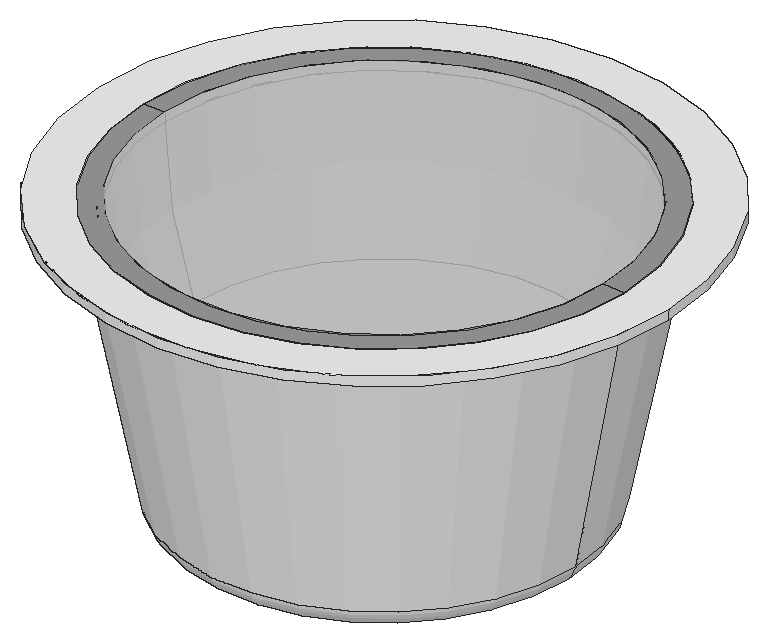
Revit family "2060575 Sylvania Lighting Fixture ASCENT 100 II ARCH 3700 4K STD 160", category Lighting Fixtures, host Face, Revit 2016
Family settings
  Host = Face
  Part Type = Normal
  Round Connector Dimension = Use Diameter
  OmniClass Number = 23.80.70.11.17
  OmniClass Title = Specialized Lighting by Location or Use
  Cut with Voids When Loaded = No
  Light Source = Yes
  Shared = No
  Room Calculation Point = No
Parameters (values of type "2060575 ASCT100 II ARCH 3700 4K STD 160")
  WidthBezelAcc_SYL = 25.0 mm
  Weight = "1.2 kg"
  Wattage = 30 W
  WarrantyStartDate [instance] = "n/a"
  WarrantyGuarantorParts = "n/a"
  WarrantyDurationUnit = "n/a"
  WarrantyDurationParts = "n/a"
  WarrantyDescription = "n/a"
  built-in parameter 1150110 = 1 (stored number, unit not read)
  Voltage = 0 V
  VisibilityAccessory_SYL = no
  TypeName = "ASCENT 100 II ARCH 3700 4K STD 160"
  built-in parameter 1114217 = 1 (stored number, unit not read)
  Tilt Angle = -90°
  built-in parameter 1150109 = 1 (stored number, unit not read)
  built-in parameter 1150134 = 12
  built-in parameter 1150113 = 1 (stored number, unit not read)
  SerialNumber [instance] = "n/a"
  ReflectorRadius_SYL = Radius_SYL - 14.5 mm  # 80.0 mm
  RadiusAcc_SYL = 105.0 mm
  Radius_SYL = 94.5 mm
  URL = "http://www.sylvania-lighting.com"
  PowerFactor = 0
  PowerConsumption = "30 W"
  Photometric Web File = "2060575.ies"
  NominalWidth = 0.0 mm
  NominalLength = 0.0 mm
  NominalHeight = 94.0 mm
  Name = "ASCENT 100 II ARCH 3700 4K STD 160"
  ModelReference = "ASCENT 100 II ARCH 3700 4K STD 160"
  ModelNumber = "2060575"
  Material_4_SYL = none
  Material_3_SYL = Polycarbonate_Sylvania_Ascent_Opal
  Material_2_SYL = Aluminium_Sylvania_Ascent_Silver
  Material_1_SYL = Aluminum_Sylvania_Ascent_White
  Material = "aluminium housing, arcylic diffuser"
  ManufacturerName = "Feilo Sylvania"
  LuminousEfficacy = "126 lm/W"
  built-in parameter 1150105 = 300.8 (stored number, unit not read)
  Lumens = 3780 lm
  LuminaireType = ""
  built-in parameter 1150115 = 1 (stored number, unit not read)
  LightOutputRatio = "100"
  built-in parameter 1150137 = (empty or 0)
  built-in parameter 1150139 = (empty or 0)
  LampsType = Lamp  # "LED"
  LampNominalLuminous = "3766 lm"
  LampMacAdamStep = "3"
  LampColourTemperature = "4000 K"
  LampColourRenderingIndex = "80"
  built-in parameter 1150112 = 1 (stored number, unit not read)
  built-in parameter 1150114 = 1 (stored number, unit not read)
  Keynote = "16500"
  InstallationDate [instance] = "n/a"
  InputVoltage = "n/a"
  InputNominalFrequency = "n/a"
  built-in parameter 1150132 = (empty or 0)
  built-in parameter 1150102 = (empty or 0)
  built-in parameter 1150107 = 4000 (stored number, unit not read)
  built-in parameter 1150138 = (empty or 0)
  IngressProtection = "IP40"
  ImpactProtectionIndex = "IK02"
  built-in parameter 1150106 = 3.008 (stored number, unit not read)
  IfcExportType = "IfcLightFixtureType"
  IfcExportAs = "IfcLightFixtureType"
  Height_SYL = 94.0 mm
  HeightAcc_SYL = 7.0 mm
  ExpectedLife = 50000
  EmittionSurface_SYL = if(VisibilityAccessory_SYL, 7.0 mm, 3.0 mm)  # 3.0 mm
  Emit from Circle Diameter = DiffuserRadius_SYL * 2  # 146.0 mm
  Emit Shape Visible in Rendering = no
  ElectricShockClassification = "Class II"
  built-in parameter 1150104 = 11.706 (stored number, unit not read)
  DurationUnit = "hours"
  DocumentationLiterature = "http://www.sylvania-lighting.com/product/en-int/products/2060575"
  DimmingControlOptions = "n/a"
  Dimming Lamp Color Temperature Shift = <None>
  DiffuserRadius_SYL = ReflectorRadius_SYL - 7.0 mm  # 73.0 mm
  Diameter_SYL = 2 * Radius_SYL  # 189.0 mm
  CutoutDiameter_SYL = Diameter_SYL - 13.0 mm  # 176.0 mm
  CreatedOn = "9/17/2018"
  CreatedBy = "@sylvania-lighting.com"
  Color Filter = 16777215
  built-in parameter 1114216 [instance] = 1 (stored number, unit not read)
  Model = "ASCENT 100 II ARCH 3700 4K STD 160"
  Manufacturer = "Feilo Sylvania"
  Lamp = "LED"
  Description = "Direct LED retro fit for original LED 100 Arch (160) single CFL lamp offering Matching lumen levels and improved light distribution of original LED 100 CFL lamp equivalents Typically half the power consumption compared to CFL Up to 112lm/W 160mm aperture Architectural reflector accepts range of glass accessories from existing LED 100 Arch 160 offering HE, HO and VHO versions equivalent of single 1 x 18W, 1 x 32W, 1 x 42W\r\n Additional VVHO versions which offer the performance circa 2 x 32W equivalent"  # constant formula
  Default Elevation = 0.0 mm
  built-in parameter 1140040 [instance] = 1
  BarCode [instance] = "n/a"
  built-in parameter 1114218 = 1 (stored number, unit not read)
  built-in parameter 1150133 = 10 (stored number, unit not read)
  AssetType = "Fixed"
  AssetIdentifier [instance] = "n/a"
  Assembly Code = "D5020200"
  Apparent Load = 30 VA
  Aperture_SYL = 2 * ReflectorRadius_SYL  # 160.0 mm
Reference planes
  plane 1 "Center (Front/Back)": y = 0
  plane 2: z = 0
  plane 3 "Center (Left/Right)": x = 0
  plane 4 "Fixture Bottom": z = 3
  plane 5: z = -52.5
  plane 6 "Fixture Top": z = -91
  plane 7: x = -105
  plane 8: z = 7
  plane 9: x = -80
  plane 10: z = 5
  plane 11: x = -103
Forms (mm)
  Extrusion 1, solid, material "Aluminum_Sylvania_Ascent_White", detail levels fine
    sketch origin (0, 0, 0) x (1, 0, 0) y (0, 1, 0)
      loop
        circle (0, 0) r 94.5
      loop
        circle (0, 0) r 80
    from 0 to 3
  Extrusion 2, void
    sketch origin (0, 0, 0) x (1, 0, 0) y (0, 1, 0)
      loop
        circle (0, 0) r 88
    from -91 to 3
  Revolve 3, solid, material "Aluminum_Sylvania_Ascent_White" <- "Material_1_SYL", detail levels fine
    sketch origin (0, 0, 0) x (1, 0, 0) y (0, 0, 1)
      loop
        line (0, -91.073) -> (0, -89.023) -> (-55.468, -89.014)
        arc (-55.468, -89.014) -> (-59.352, -87.613) -> (-61.54, -84.139) r 6.307
        line (-61.54, -84.139) -> (-77.991, -2.844) -> (-77.991, 0) -> (-80, 0) -> (-80, -3) -> (-63.5, -84.536)
        arc (-63.5, -84.536) -> (-60.643, -89.203) -> (-55.5, -91.073) r 8.291
        line (-55.5, -91.073) -> (0, -91.073)
      axis (0, 0) -> (0, -91.073)
    angle from 0 to 360
  Revolve 4, solid, material "Aluminium_Sylvania_Ascent_Silver" <- "Material_2_SYL", detail levels fine
    sketch origin (0, 0, 0) x (1, 0, 0) y (0, 0, 1)
      loop
        line (-80, 3) -> (-80, 0) -> (-75, 0)
        arc (-75, 0) -> (-72.349, -26.77) -> (-64.5, -52.5) r 136.5
        line (-64.5, -52.5) -> (-58, -52.5)
        arc (-58, -52.5) -> (-56.857, -61.521) -> (-53.5, -69.971) r 36.166
        line (-53.5, -69.971) -> (0, -69.971) -> (0, -50.5) -> (-63.16, -50.5)
        arc (-63.16, -50.5) -> (-70.517, -25.725) -> (-73, 0) r 134.5
        line (-73, 0) -> (-73, 3) -> (-80, 3)
      axis (0, 3) -> (0, -69.971)
    angle from 0 to 360
  Extrusion 5, solid, material "Polycarbonate_Sylvania_Ascent_Opal" <- "Material_3_SYL", detail levels fine
    sketch origin (0, 0, 0) x (1, 0, 0) y (0, 1, 0)
      loop
        circle (0, 0) r 73
    from 0 to 3
  Revolve 6, solid, material "Aluminum_Sylvania_Ascent_White" <- "Material_1_SYL", detail levels coarse+medium
    sketch origin (0, 0, 0) x (1, 0, 0) y (0, 0, 1)
      loop
        line (0, -91.073) -> (0, 3) -> (-94.5, 3) -> (-94.5, 0) -> (-79.5, 0) -> (-79.5, -3) -> (-63, -84.536)
        arc (-63, -84.536) -> (-60.143, -89.203) -> (-55, -91.073) r 8.291
        line (-55, -91.073) -> (0, -91.073)
      axis (0, 3) -> (0, -91.073)
    angle from 0 to 360
  Revolve 7, solid, material "Aluminum_Sylvania_Ascent_White" <- "Material_1_SYL", visible <- "VisibilityAccessory_SYL"
    sketch origin (0, 0, 0) x (1, 0, 0) y (0, 0, 1)
      loop
        line (-105, 0) -> (-103, 0) -> (-103, 5) -> (-80, 5) -> (-80, 7) -> (-105, 7) -> (-105, 0)
      axis (0, 7) -> (0, 0)
    angle from 0 to 360
  Revolve 8, solid, material "Polycarbonate_Sylvania_Ascent_Opal" <- "Material_3_SYL", visible <- "VisibilityAccessory_SYL"
    sketch origin (0, 0, 0) x (1, 0, 0) y (0, 0, 1)
      loop
        line (-80, 7) -> (-80, 5) -> (0, 5) -> (0, 7) -> (-80, 7)
      axis (0, 7) -> (0, 5)
    angle from 0 to 360
Lines and regions (mm)
  reference lines
    curve 1: line (-150, 0, 3) -> (125, 0, 3)
Dimensions and locks
  locked: plane 4 "Fixture Bottom" to plane 2 at 3
  "Height_SYL": plane 4 "Fixture Bottom" to plane 6 "Fixture Top"
  "ReflectorRadius_SYL": plane 3 "Center (Left/Right)" to Revolve 4 sketch curve
  locked: Revolve 4 sketch curve to Revolve 4 sketch curve at 15.5
  locked: Revolve 4 sketch curve to Revolve 4 sketch curve at 5
  locked: Revolve 4 sketch curve to Revolve 4 sketch curve at 7
  locked: Revolve 4 sketch curve to Revolve 4 sketch curve at 22
  locked: Revolve 4 sketch curve to Revolve 4 sketch curve at 26.5
  locked: Revolve 3 sketch curve to Revolve 3 sketch curve at 16.5
  locked: Revolve 3 sketch curve to Revolve 3 sketch curve at 24.5
  "ReflectorRadius_SYL": Revolve 3 sketch curve to plane 3 "Center (Left/Right)"
  locked: Revolve 3 sketch curve to plane 6 "Fixture Top" at 6.464
  locked: plane 2 to Revolve 3 sketch curve at 3
  locked: Revolve 3 sketch curve to Revolve 3 sketch curve at 2
  locked: Revolve 3 sketch curve to Revolve 3 sketch curve at 2.009
  locked: plane 2 to plane 5 at 52.5
  locked: Revolve 6 sketch curve to Revolve 6 sketch curve at 31.5
  locked: Revolve 6 sketch curve to Revolve 6 sketch curve at 39.5
  locked: Revolve 6 sketch curve to Revolve 6 sketch curve at 15
  "Radius_SYL": plane 3 "Center (Left/Right)" to Revolve 6 sketch curve
  "RadiusAcc_SYL": plane 3 "Center (Left/Right)" to plane 7
  "HeightAcc_SYL": plane 8 to level
  "WidthBezelAcc_SYL": plane 7 to plane 9
  locked: plane 7 to plane 11 at 2
  locked: plane 8 to plane 10 at 2
  "EmittionSurface_SYL": curve 1 to level
  "CutoutDiameter_SYL": diameter of Extrusion 2 sketch curve
  "ReflectorRadius_SYL": radius of Extrusion 1 sketch curve
  "DiffuserRadius_SYL": radius of Extrusion 5 sketch curve
  "Radius_SYL": radius of Extrusion 1 sketch curve
  aligned and locked: host face to plane 2
  aligned and locked: host face to level
  aligned and locked: plane 4 "Fixture Bottom" to Extrusion 1
  aligned and locked: Extrusion 1 to plane 2
  aligned and locked: Revolve 3 sketch curve to plane 3 "Center (Left/Right)"
  aligned and locked: Revolve 4 sketch curve to plane 3 "Center (Left/Right)"  (x2)
  aligned and locked: plane 4 "Fixture Bottom" to Revolve 4 sketch curve
  aligned and locked: Extrusion 5 to plane 2
  aligned and locked: plane 2 to Revolve 3 sketch curve  (x2)
  aligned and locked: Revolve 6 sketch curve to plane 3 "Center (Left/Right)"
  aligned and locked: plane 6 "Fixture Top" to Extrusion 2
  aligned and locked: Revolve 7 sketch curve to plane 3 "Center (Left/Right)"
  aligned and locked: host face to Revolve 7 sketch curve  (x2)
  aligned and locked: Revolve 7 sketch curve to plane 7
  aligned and locked: plane 8 to Revolve 7 sketch curve
  aligned and locked: plane 9 to Revolve 7 sketch curve
  aligned and locked: Revolve 7 sketch curve to plane 10
  aligned and locked: plane 11 to Revolve 7 sketch curve
  aligned and locked: Revolve 7 to Revolve 8 sketch curve
  aligned and locked: Revolve 8 sketch curve to Revolve 7  (x2)
  aligned and locked: Revolve 8 sketch curve to plane 3 "Center (Left/Right)"  (x2)
  aligned and locked: plane 3 "Center (Left/Right)" to imposter light
  aligned and locked: imposter light to plane 1 "Center (Front/Back)"
  aligned and locked: imposter light to curve 1
Automatic sketch dimensions
  plane 1 "Center (Front/Back)" to Extrusion 2 sketch curve = 0.0 mm
  Extrusion 2 sketch curve to plane 3 "Center (Left/Right)" = 0.0 mm
  Extrusion 1 sketch curve to Extrusion 1 sketch curve = 0.0 mm  (x2)
  plane 1 "Center (Front/Back)" to Extrusion 1 sketch curve = 0.0 mm
  Extrusion 1 sketch curve to plane 3 "Center (Left/Right)" = 0.0 mm
  plane 6 "Fixture Top" to Revolve 3 sketch curve = 0.073 mm
  Revolve 3 sketch curve to plane 6 "Fixture Top" = 6.861 mm
  Revolve 3 sketch curve to Revolve 3 sketch curve = 0.003 mm
  Revolve 3 sketch curve to Revolve 3 sketch curve = 0.009 mm  (x2)
  Revolve 3 sketch curve to Revolve 3 sketch curve = 0.023 mm
  Revolve 3 sketch curve to Revolve 3 sketch curve = 0.072 mm
  Revolve 3 sketch curve to Revolve 3 sketch curve = 0.008 mm
  Revolve 3 sketch curve to plane 6 "Fixture Top" = 1.977 mm
  Revolve 3 sketch curve to Revolve 3 sketch curve = 33.496 mm
  Revolve 3 sketch curve to Revolve 3 sketch curve = 0.028 mm
  plane 4 "Fixture Bottom" to Revolve 3 sketch curve = 82.431 mm
  Revolve 4 sketch curve to Revolve 4 sketch curve = 0.0 mm  (x2)
  Revolve 4 sketch curve to plane 5 = 0.0 mm
  Revolve 4 sketch curve to level = 0.0 mm
  plane 5 to Revolve 4 sketch curve = 2.0 mm
  plane 4 "Fixture Bottom" to Revolve 4 sketch curve = 9.642 mm
  plane 1 "Center (Front/Back)" to Extrusion 5 sketch curve = 0.0 mm
  Extrusion 5 sketch curve to plane 3 "Center (Left/Right)" = 0.0 mm
  Revolve 4 sketch curve to level = 69.971 mm
  Revolve 4 sketch curve to Revolve 4 sketch curve = 2.387 mm
  Revolve 6 sketch curve to level = 0.0 mm
  Revolve 6 sketch curve to plane 3 "Center (Left/Right)" = 0.0 mm
  Revolve 6 sketch curve to Revolve 6 sketch curve = 8.104 mm
  Revolve 6 sketch curve to level = 3.0 mm
  Revolve 6 sketch curve to plane 6 "Fixture Top" = 6.464 mm
  plane 6 "Fixture Top" to Revolve 6 sketch curve = 0.073 mm
  Revolve 6 sketch curve to Revolve 6 sketch curve = 33.496 mm
  plane 4 "Fixture Bottom" to Revolve 6 sketch curve = 82.431 mm
  host sketch curve to host sketch curve = 1704.996 mm
  host sketch curve to host sketch curve = 1500.0 mm
  plane 6 "Fixture Top" to Revolve 7 sketch curve = 281.274 mm
  Revolve 7 sketch curve to plane 8 = 1140.706 mm
  plane 6 "Fixture Top" to Revolve 8 sketch curve = 281.274 mm
  Revolve 8 sketch curve to Revolve 8 sketch curve = 1140.706 mm
  Revolve 3 sketch curve to plane 3 "Center (Left/Right)" = 0.0 mm
  Revolve 6 sketch curve to plane 4 "Fixture Bottom" = 0.0 mm
  plane 7 to curve 1 = 45.0 mm
  plane 3 "Center (Left/Right)" to curve 1 = 125.0 mm
Connectors
  electrical at (0, 0, -91.073), driven by "Apparent Load"
    settings: on Revolve 3, index 1, voltage 240 V, apparent load 0 VA, apparent load phase1 30 VA, apparent load phase2 0 VA, apparent load phase3 0 VA, power factor 1, load classification "Lighting", number of poles 1, system type 31, power factor state 1, is connector primary yes, connector utility no, sub classification motor no, connector description ""
